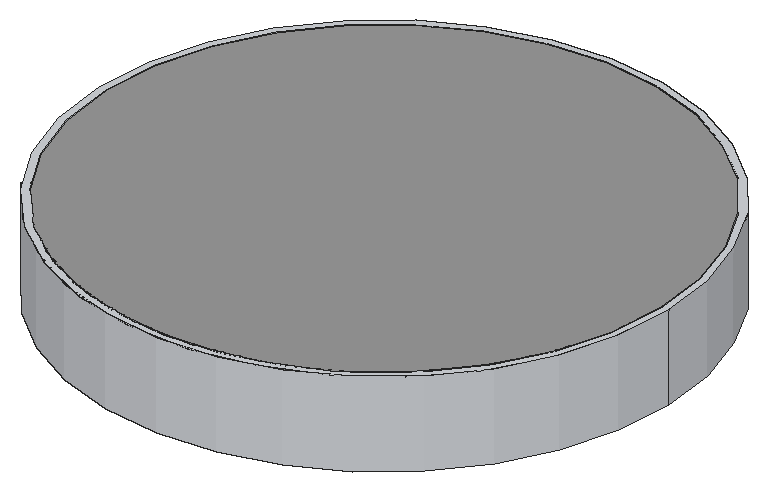
Revit family "2071113", category Lighting Fixtures, host Face, Revit 2018
Family settings
  Host = Face
  Round Connector Dimension = Use Diameter
  Part Type = Normal
  OmniClass Number = 23.80.70.00
  OmniClass Title = Lighting
  Cut with Voids When Loaded = No
  Light Source = Yes
  Shared = No
  Room Calculation Point = No
Parameters (values of type "2071113 COLOSSAL 400 840 OP DIR WHT DALI")
  iner diameter = 390 mm
  Weight = "n/a"
  Wattage Comments = ""
  Wattage = 30 W
  WarrantyStartDate [instance] = "n/a"
  WarrantyGuarantorParts = "n/a"
  WarrantyDurationUnit = "n/a"
  WarrantyDurationParts = ""
  WarrantyDescription = "http://www.sylvania-lighting.com"
  built-in parameter 1150110 = 1 (stored number, unit not read)
  Voltage = 230 V
  URL = "0.95"
  TypeName = "COLOSSAL 400mm 840 OPAL DIR WHITE DALI"
  Type Image = <None>
  Type Comments = "n/a"
  built-in parameter 1114217 = 1 (stored number, unit not read)
  Tilt Angle = -90.00°
  built-in parameter 1150109 = 1 (stored number, unit not read)
  built-in parameter 1150134 = (empty or 0)
  built-in parameter 1150113 = 1 (stored number, unit not read)
  SerialNumber [instance] = "n/a"
  Photometric Web File = "2071113.ies"
  Material_3_SYL = LED-Sylvania
  PowerFactor = 0
  PowerConsumption = "Lighting"
  NominalLength = 400 mm
  NominalHeight = 93 mm
  NominalDepth = 400 mm
  Name = "COLOSSAL 400mm 840 OPAL DIR WHITE DALI"
  ModelReference = Name  # "COLOSSAL 400mm 840 OPAL DIR WHITE DALI"
  ModelNumber = "2071113"
  Model = Name  # "COLOSSAL 400mm 840 OPAL DIR WHITE DALI"
  Material = "Feilo Sylvania"
  ManufacturerName = "125 lm/W"
  Manufacturer = ""
  LuminousEfficacy = ""
  built-in parameter 1150105 = 270.44 (stored number, unit not read)
  Lumens = 3398.4 lm
  LuminaireType = "0"
  built-in parameter 1150115 = 1 (stored number, unit not read)
  LightOutputRatio = "LED"
  built-in parameter 1150137 = (empty or 0)
  built-in parameter 1150139 = (empty or 0)
  LampsType = Lamp  # "n/a"
  LampNominalLuminous = "4000 K"
  LampMacAdamStep = "80"
  LampColourTemperature = "LED"
  LampColourRenderingIndex = "16500"
  built-in parameter 1150112 = 1 (stored number, unit not read)
  built-in parameter 1150114 = 1 (stored number, unit not read)
  Lamp = "n/a"
  Keynote = "n/a"
  InstallationDate [instance] = "n/a"
  InputVoltage = "0"
  InputNominalFrequency = "4000"
  built-in parameter 1150132 = (empty or 0)
  built-in parameter 1150102 = (empty or 0)
  built-in parameter 1150107 = 3000 (stored number, unit not read)
  built-in parameter 1150138 = (empty or 0)
  IngressProtection = "IfcLightFixtureType"
  ImpactProtectionIndex = "IfcLightFixtureType"
  built-in parameter 1150106 = 2.7044 (stored number, unit not read)
  IfcExportType = "IfcLightFixtureType"
  IfcExportAs = "Class I"
  Emit from Circle Diameter = 385 mm
  Emit Shape Visible in Rendering = no
  ElectricShockClassification = "125"
  built-in parameter 1150104 = 10.524 (stored number, unit not read)
  DocumentationLiterature = "http://www.sylvania-lighting.com/product/en-int/products/2071113"
  DimmingControlOptions = "n/a"
  Material_2_SYL = Polycarbonate_Sylvania_White
  Dimming Lamp Color Temperature Shift = <None>
  Description = "400mm diameter circular architectural luminaire, can be surface mounted or suspended. Powder coated aluminium housing (RAL9016) with polycarbonate opal diffuser. Direct light distribution, 2580lm luminuous flux, 20.7W system power, 125lm/W luminiaire efficacy. DALI dimmable. Colour rendering index Ra >80, 4000K Neutral White LED, chromaticity tolerance of 3-step MacAdam ellipse. IP40, IK03. 450mA drive current. Electrical protection Class1, 220-240V. Reported lifetime 66k hours L90B10."
  Default Elevation = 1219.2 mm
  CreatedOn = "22/03/2022"
  CreatedBy = "@sylvania-lighting.com"
  Cost = 0
  Color Filter = 16777215
  built-in parameter 1114216 [instance] = (empty or 0)
  ClassificationValue = "EF_70_80"
  ClassificationName = "Uniclass2015"
  Material_1_SYL = Polycarbonate_Sylvania_Opal
  BarCode [instance] = "n/a"
  built-in parameter 1114218 = 1 (stored number, unit not read)
  built-in parameter 1150133 = 10 (stored number, unit not read)
  AssetType = "Fixed"
  AssetIdentifier [instance] = "n/a"
  Assembly Code = "D5020200"
  Apparent Load = 20.7 VA
  Material_4_SYL = none
Reference planes
  plane 1 "Center (Front/Back)": y = 0
  plane 2: z = 0
  plane 3 "Center (Left/Right)": x = 0
  plane 4: x = -200
  plane 5: x = 200
  plane 6: y = 200
  plane 7: y = -200
  plane 8: y = 236
  plane 9: y = -236
  plane 10: z = 93
  plane 11: y = 195
  plane 12: y = -195
  plane 13: y = 90.5
  plane 14: y = 144.5
  plane 15: through (52.25, 90.5, 1219.2) normal (0.866, 0.5, 0)
  plane 16: through (52.25, 90.5, 1219.2) normal (0.866, 0.5, 0)
  plane 17: through (63.706, 126.657, 1219.2) normal (0.866, 0.5, 0)
  plane 18: through (-104.5, 0, 1219.2) normal (-0.866, 0.5, 0)
  plane 19: through (-142.394, -9.633, 1219.2) normal (-0.866, 0.5, 0)
  plane 20: y = -90.5
  plane 21: y = -118.5
  plane 22: through (85.371, -141.133, 1219.2) normal (-0.866, 0.5, 0)
  plane 23: through (52.25, -90.5, 1219.2) normal (-0.866, 0.5, 0)
  plane 24: through (-161.658, 0, 1219.2) normal (0.866, 0.5, 0)
  plane 25: through (-172.12, 9.121, 1219.2) normal (0.866, 0.5, 0)
  plane 26: through (-104.5, 0, 1219.2) normal (0.866, 0.5, 0)
Forms (mm)
  Extrusion 1, solid, detail levels medium+fine
    sketch origin (0, 0, 0) x (1, 0, 0) y (0, 1, 0)
      loop
        circle (0, 0) r 200
    from 33.023 to 93
  Extrusion 2, void
    sketch origin (0, 0, 0) x (1, 0, 0) y (0, 1, 0)
      loop
        circle (0, 0) r 195
    from 93 to 37.292
  Extrusion 3, solid, material "Glass, White, High Luminance", detail levels fine
    sketch origin (0, 0, 0) x (1, 0, 0) y (0, 1, 0)
      loop
        circle (0, 0) r 195
    from 88.026 to 93
  Extrusion 4, solid, detail levels coarse
    sketch origin (0, 0, 0) x (1, 0, 0) y (0, 1, 0)
      loop
        line (-200, 200) -> (-200, -200) -> (200, -200) -> (200, 200) -> (-200, 200)
    from 0 to 93
  Blend 5, solid, detail levels medium+fine
    base sketch origin (0, 0, 0) x (1, 0, 0) y (0, 1, 0)
      loop
        line (-52.25, 90.5) -> (-104.5, 0) -> (-52.25, -90.5) -> (52.25, -90.5) -> (104.5, 0) -> (52.25, 90.5) -> (-52.25, 90.5)
    top sketch origin (0, 0, 0) x (1, 0, 0) y (0, 1, 0)
      loop
        line (-53.405, 144.5) -> (-149.245, -21.5) -> (-93.242, -118.5) -> (98.438, -118.5) -> (151.843, -26) -> (53.405, 144.5) -> (-53.405, 144.5)
    from 0 to 33.023
Cuts and joins
  Extrusion 2 cuts Extrusion 1
Dimensions and locks
  "NominalDepth": plane 6 to plane 7
  "NominalLength": plane 4 to plane 5
  equal spacing: plane 4, plane 3 "Center (Left/Right)", plane 5
  "iner diameter": plane 11 to plane 12
  equal spacing: plane 11, plane 1 "Center (Front/Back)", plane 12
  equal spacing: plane 6, plane 1 "Center (Front/Back)", plane 7
  "NominalHeight": plane 10 to level
  plane 19 to plane 18 = 28 mm
  radius of Extrusion 2 sketch curve = 195 mm
  aligned and locked: plane 2 to host face
  aligned and locked: level to host face
Automatic sketch dimensions
  host sketch curve to host sketch curve = 2438.4 mm  (x2)
  plane 1 "Center (Front/Back)" to Extrusion 1 sketch curve = 0 mm
  Extrusion 1 sketch curve to plane 3 "Center (Left/Right)" = 0 mm
  plane 1 "Center (Front/Back)" to Extrusion 2 sketch curve = 0 mm
  Extrusion 2 sketch curve to plane 3 "Center (Left/Right)" = 0 mm
  plane 1 "Center (Front/Back)" to Extrusion 3 sketch curve = 0 mm
  Extrusion 3 sketch curve to plane 3 "Center (Left/Right)" = 0 mm
  Extrusion 4 sketch curve to plane 4 = 0 mm
  Extrusion 4 sketch curve to plane 5 = 0 mm
  Extrusion 4 sketch curve to plane 7 = 0 mm
  Extrusion 4 sketch curve to plane 6 = 0 mm
  Blend 5 sketch curve to plane 19 = 0 mm  (x2)
  Blend 5 sketch curve to plane 24 = 0 mm  (x2)
  Blend 5 sketch curve to plane 21 = 0 mm
  Blend 5 sketch curve to plane 14 = 0 mm
  Blend 5 sketch curve to plane 17 = 0 mm  (x2)
  Blend 5 sketch curve to plane 22 = 0 mm  (x2)
  radius of Extrusion 1 sketch curve = 200 mm
  radius of Extrusion 3 sketch curve = 195 mm
Connectors
  electrical at (0, 0, 0), driven by "Apparent Load", driven by "PowerFactor", driven by "Voltage"
    settings: index 1, voltage 230 V, apparent load 20.7 VA, apparent load phase1 0 VA, apparent load phase2 0 VA, apparent load phase3 0 VA, power factor 0, load classification "Lighting", number of poles 1, system type 30, power factor state 1, is connector primary yes, connector utility no, sub classification motor no, connector description ""
